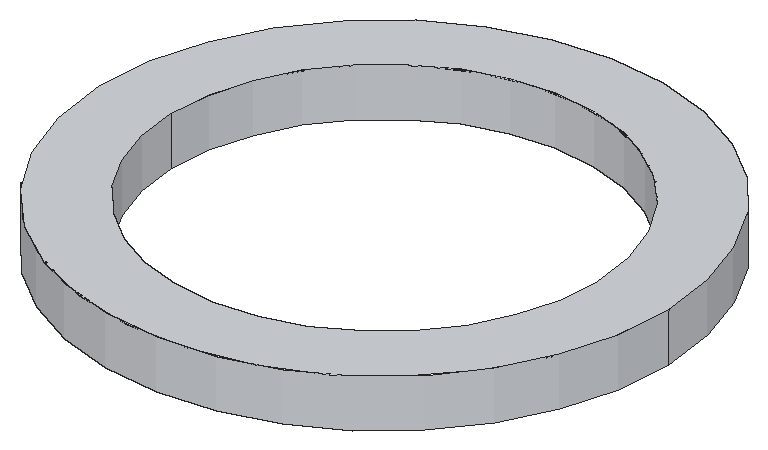
Revit family "LR4", category Generic Models, Revit 2017
Family settings
  Can host rebar = No
  Round Connector Dimension = Use Diameter
  Part Type = Normal
  Work Plane-Based = Yes
  Always vertical = No
  Cut with Voids When Loaded = No
  Shared = No
  Room Calculation Point = No
Parameters (values of type "NBS Standard Parameters")
  Weight = "0.023"
  WarrantyStartDate [instance] = "1900-12-31T23:59:59"
  WarrantyGuarantorParts = "n/a"
  WarrantyGuarantorLabor = "n/a"
  WarrantyDurationUnit = "1 year"
  WarrantyDurationParts = "n/a"
  WarrantyDurationLabor = "n/a"
  WarrantyDescription = "n/a"
  Version = "1"
  Uniclass2 = "Pr_65_70_11_20"
  TagNumber [instance] = "n/a"
  SustainabilityPerformance = "n/a"
  Size = "1.5\""
  Shape = "Circular"
  SerialNumber [instance] = "n/a"
  Revision = "n/a"
  ReplacementCost = "n/a"
  ProductInformation = "www.metpro.co.uk/pdf/lr4.pdf"
  NominalWidth = 48 mm
  NominalLength = 48 mm
  NominalHeight = 4 mm
  Name = ""
  NBSTypeID = ""
  NBSReference = "90-55-10/460"
  NBSOfficeMasterTag = ""
  NBSNote = ""
  NBSDescription = "Conduit Fittings"
  NBSCertification = ""
  ModelReference = "LR4"
  ModelNumber = "n/a"
  Material = "Steel"
  ManufacturerURL = "www.metpro.co.uk"
  ManufacturerName = "Metpro Ltd"
  Keynote = "Compliant to LU Standard  1-085"
  InstallationDate [instance] = "1900-12-31T23:59:59"
  IfcExportType = ""
  IfcExportAs = ""
  Grade = "n/a"
  Finish = "BZP"
  Features = "n/a"
  ExpectedLife = "n/a"
  DurationUnit = "year"
  Description = "LR4 1.5\" Milled Edge Lockring"
  Default Elevation = 1219.2 mm
  Constituents = "n/a"
  Color = "n/a"
  CodePerformance = "n/a"
  Category = "n/a"
  BarCode [instance] = "n/a"
  BIMObjectName = "Metpro_Metprolibrary_Conduitfittings_Metalcomponents_Steelaccessories"
  Author = "Metpro Ltd"
  AssetType = ""
  AssetIdentifier [instance] = "n/a"
  AccessibilityPerformance = "n/a"
Reference planes
  plane 1 "Center (Front/Back)": y = 0
  plane 2: z = 0
  plane 3 "Center (Left/Right)": x = 0
Forms (mm)
  Extrusion 1, solid
    sketch origin (0, 0, 0) x (1, 0, 0) y (0, 1, 0)
      loop
        circle (0, 0) r 24
      loop
        circle (0, 0) r 18
    from 0 to 4.15
Dimensions and locks
  aligned and locked: level to plane 2
